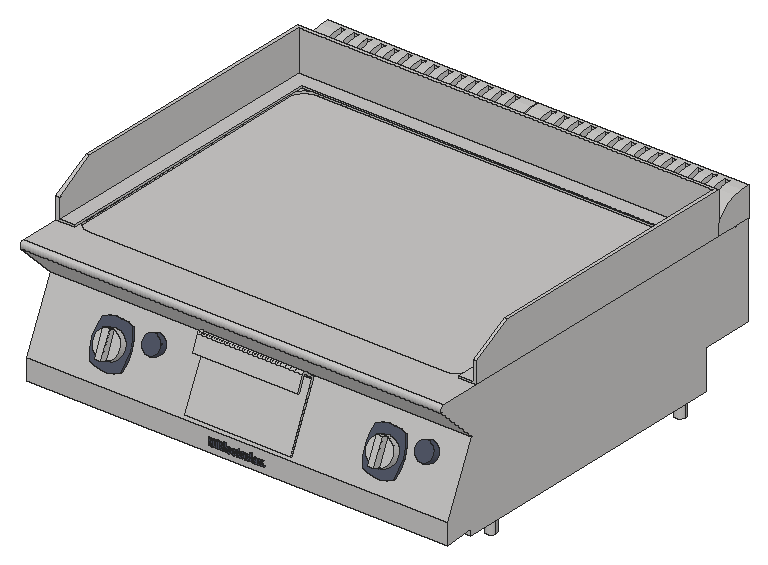
Revit family "QF_ELECTROLUXPROFESSIONAL_371414_E7IIMTAOMEI", category Attrezzature speciali, Revit 2018
Family settings
  Quota connettore circolare = Usa diametro
  Tipo di parte = Normale
  Basato su piano di lavoro = No
  Sempre verticale = Sì
  Taglio con vuoti quando caricato = No
  Condiviso = No
  Punto di calcolo locali = No
Parameters (values of type "Standard")
  Weight = 70.00 kg
  Watts = 0 W
  Volts = 0 V
  URL Manufacturer = "https://www.electroluxprofessional.com/"
  URL = "https://www.electroluxprofessional.com/"
  Steam Supply Size = 0"
  Steam Supply Minimum Pressure = 0.00 psi
  Steam Supply Maximum Pressure = 0.00 psi
  Steam Consumption per Hour = 0
  Show Logo [instance] = yes
  Show Clearance [instance] = yes
  Refrigeration Suction Line Size = 0 mm
  Refrigeration Liquid Line Size = 0 mm
  Refrigerant Compressor Remote = yes
  Phase = 0
  Modello = "E7IIMTAOMEI"
  Produttore = "Electrolux Professional"
  Length Actual = 800 mm  # constant formula
  Item Number = "371414"
  Hot Water Size = 0"
  Height Actual = 250 mm  # constant formula
  HP = "0 HP"
  Gas Size = 1/2"
  Gas KW = 14
  Gas Input Pressure = 0.469158 Btu/h
  Direct Waste Size = 0"
  Descrizione = "GAS FRY TOP-SMOOTH+RIBBED PLATE 800MM-BRUSHED CHROME - QMARK"
  Depth Actual = 730 mm  # constant formula
  Cycle = 0 Hz
  Condensate Return Size = 0"
  Compressed Air Volume = 0 GPM
  Compressed Air Size = 0"
  Compressed Air Pressure = 0.00 psi
  Cold Water Size = 0"
  Base Height [instance] = 23.813 mm  # constant formula
  Assembly Code = ""
  Accessory = yes
Values of the unnamed type that differ from the named types
  Weight = 0.00 kg
  URL Manufacturer = ""
  Item Number = ""
  HP = ""
  Gas KW = 0
  Gas Input Pressure = 0.0 Btu/h
Reference planes
  plane 1 "BACK": y = 0
  plane 2: z = 0
  plane 3 "LEFT": x = 0
  plane 4 "RIGHT": x = 800.1
  plane 5 "FRONT": y = -730.25
  plane 6 "TOP": z = 288.925
  plane 7 "Center Y": x = 400.05
  plane 8 "Center X": y = -365.125
  plane 9 "BASE": z = 23.813
  plane 10 "TOP A": z = 274.638
  plane 11: y = -597.884
  plane 12: y = -147.637
  plane 13: z = 355
Forms (mm)
  Extrusion 1, solid, material "QF_Finishes_Stainless Steel"
    sketch origin (0, 0, 0) x (0, 1, 0) y (0, 0, 1)
      loop
        line (0, 274.638) -> (-722.901, 274.638)
        arc (-722.901, 274.638) -> (-729.676, 270.11) -> (-728.087, 262.117) r 7.334
        line (-728.087, 262.117) -> (-657.416, 191.447) -> (-713.772, 69.003) -> (-713.772, 30.903) -> (-660.4, 36.513) -> (-660.4, 23.812) -> (-101.6, 23.812) -> (-101.6, 98.425) -> (0, 98.425) -> (0, 274.638)
    from 0 to 800.1
  Extrusion 2, void
    sketch origin (0, -2.381, 274.638) x (-1, 0, 0) y (0, -1, 0)
      loop
        arc (-60.425, 102.504) -> (-42.464, 109.943) -> (-35.025, 127.904) r 25.4
        line (-35.025, 127.904) -> (-35.025, 617.104)
        arc (-35.025, 617.104) -> (-42.464, 635.064) -> (-60.425, 642.504) r 25.4
        line (-60.425, 642.504) -> (-739.675, 642.504)
        arc (-739.675, 642.504) -> (-757.636, 635.064) -> (-765.075, 617.104) r 25.4
        line (-765.075, 617.104) -> (-765.075, 127.904)
        arc (-765.075, 127.904) -> (-757.636, 109.943) -> (-739.675, 102.504) r 25.4
        line (-739.675, 102.504) -> (-60.425, 102.504)
    from 0 to -3.2
  Extrusion 3, solid, material "QF_Finishes_Stainless Steel"
    sketch origin (0, 0, 0) x (1, 0, 0) y (0, 1, 0)
      loop
        circle (11.112, -147.638) r 9.525
      loop
        circle (11.112, -597.884) r 9.525
      loop
        circle (788.987, -147.638) r 9.525
      loop
        circle (788.987, -597.884) r 9.525
    from 0 to 23.813
  Extrusion 4, solid, material "QF_Finishes_Stainless Steel"
    sketch origin (0, -101.6, 101.6) x (0, 0, -1) y (-1, 0, 0)
      loop
        circle (43.882, -749.3) r 6.35
    from 0 to 3.175
  Extrusion 5, solid, material "QF_Finishes_Clearance", visible <- "Show Clearance", detail levels coarse
    sketch origin (0, 0, 0) x (1, 0, 0) y (0, 1, 0)
      loop
        line (0, -730.25) -> (0, 0) -> (800.1, 0) -> (800.1, -730.25) -> (950.119, -730.25) -> (950.119, 150.019) -> (-150.019, 150.019) -> (-150.019, -730.25) -> (0, -730.25)
    from 0 to 355
  Sweep 6, solid, material "QF_Finishes_Stainless Steel"
    path origin (0, -2.381, 274.638) x (-1, 0, 0) y (0, -1, 0)
      loop
        line (-765.075, 642.504) -> (-765.075, 102.504) -> (-35.025, 102.504) -> (-35.025, 642.504)
    profile origin (35.025, -374.885, 274.638) x (1, 0, 0) y (0, 0, 1)
      loop
        line (-35.025, 0) -> (0, 0) -> (0, 3.175) -> (-28.675, 3.175) -> (-28.675, 80.363) -> (-35.025, 80.362) -> (-35.025, 0)
  Extrusion 7, void
    sketch origin (0, -69.86, 274.638) x (0, 1, 0) y (0, 0, 1)
      loop
        line (-575.025, 40.481) -> (-501.995, 80.363) -> (-575.025, 80.363) -> (-575.025, 40.481)
    from 0 to 6.35
  Extrusion 8, void
    sketch origin (800.1, -644.885, 274.638) x (0, -1, 0) y (0, 0, 1)
      loop
        line (0, 40.481) -> (0, 80.362) -> (-73.03, 80.362) -> (0, 40.481)
    from 0 to 6.35
  Extrusion 9, solid, material "QF_Finishes_Stainless Steel"
    sketch origin (400.05, 175.397, 1219.2) x (0, 1, 0) y (0, 0, 1)
      loop
        line (-834.228, -1030.828) -> (-850.635, -1014.422)
        arc (-850.635, -1014.422) -> (-855.102, -1013.019) -> (-858.806, -1015.884) r 5.058
        line (-858.806, -1015.884) -> (-871.468, -1043.394) -> (-868.584, -1044.721) -> (-855.922, -1017.211)
        arc (-855.922, -1017.211) -> (-854.543, -1016.145) -> (-852.88, -1016.667) r 1.883
        line (-852.88, -1016.667) -> (-838.037, -1031.51) -> (-888.871, -1141.955) -> (-885.987, -1143.282) -> (-834.228, -1030.828)
    from 100 to -100
  Extrusion 10, solid, material "QF_Finishes_Drawer Clearance", visible <- "Show Clearance", detail levels coarse
    sketch origin (400.05, 175.397, 1219.2) x (0, 1, 0) y (0, 0, 1)
      loop
        line (-937.748, -1044.721) -> (-925.086, -1017.211)
        arc (-925.086, -1017.211) -> (-923.707, -1016.145) -> (-922.044, -1016.667) r 1.883
        line (-922.044, -1016.667) -> (-907.201, -1031.51) -> (-958.035, -1141.955) -> (-955.151, -1143.282) -> (-885.987, -1143.282) -> (-834.228, -1030.828) -> (-850.635, -1014.422)
        arc (-850.635, -1014.422) -> (-851.87, -1013.515) -> (-853.321, -1013.019) r 5.058
        line (-853.321, -1013.019) -> (-924.266, -1013.019)
        arc (-924.266, -1013.019) -> (-926.47, -1013.997) -> (-927.97, -1015.884) r 5.058
        line (-927.97, -1015.884) -> (-940.632, -1043.394) -> (-937.748, -1044.721)
    from -100 to 100
  Extrusion 11, solid, material "QF_Finishes_Navy Blue"
    sketch origin (-399.27, -713.772, 69.003) x (0, 0.418102, 0.9084) y (-1, 0, 0)
      loop
        arc (102.623, -510.47) -> (67.041, -502.846) -> (31.333, -509.853) r 90.5
        arc (31.333, -509.853) -> (24.507, -539.04) -> (31.333, -568.228) r 65.817
        arc (31.333, -568.228) -> (67.04, -575.188) -> (102.623, -567.615) r 91.066
        arc (102.623, -567.615) -> (109.179, -539.043) -> (102.623, -510.47) r 65.546
    from 0 to 3.175
  Extrusion 12, solid, material "QF_Finishes_Stainless Steel"
    sketch origin (-20.52, -717.485, 68.529) x (0, 0.418102, 0.9084) y (-1, 0, 0)
      loop
        circle (68.826, -160.963) r 25.4
    from 0 to 12.7
  Extrusion 13, solid, material "QF_Finishes_Stainless Steel"
    sketch origin (-20.52, -729.022, 73.839) x (0, 0.418102, 0.9084) y (-1, 0, 0)
      loop
        arc (93.558, -166.749) -> (94.226, -160.963) -> (93.558, -155.177) r 25.4
        line (93.558, -155.177) -> (44.094, -155.177)
        arc (44.094, -155.177) -> (43.426, -160.963) -> (44.094, -166.749) r 25.4
        line (44.094, -166.749) -> (93.558, -166.749)
    from 0 to 12.7
  Extrusion 14, solid, material "QF_Finishes_Navy Blue"
    sketch origin (97.744, -713.772, 69.003) x (0, 0.418102, 0.9084) y (-1, 0, 0)
      loop
        arc (102.623, -532.67) -> (67.041, -525.046) -> (31.333, -532.053) r 90.5
        arc (31.333, -532.053) -> (24.507, -561.24) -> (31.333, -590.428) r 65.817
        arc (31.333, -590.428) -> (67.04, -597.388) -> (102.623, -589.815) r 91.066
        arc (102.623, -589.815) -> (109.179, -561.243) -> (102.623, -532.67) r 65.546
    from 0 to 3.175
  Extrusion 15, solid, material "QF_Finishes_Stainless Steel"
    sketch origin (498.994, -717.485, 68.529) x (0, 0.418102, 0.9084) y (-1, 0, 0)
      loop
        circle (68.826, -160.963) r 25.4
    from 0 to 12.7
  Extrusion 16, solid, material "QF_Finishes_Stainless Steel"
    sketch origin (498.994, -729.022, 73.839) x (0, 0.418102, 0.9084) y (-1, 0, 0)
      loop
        arc (93.558, -166.749) -> (94.226, -160.963) -> (93.558, -155.177) r 25.4
        line (93.558, -155.177) -> (44.094, -155.177)
        arc (44.094, -155.177) -> (43.426, -160.963) -> (44.094, -166.749) r 25.4
        line (44.094, -166.749) -> (93.558, -166.749)
    from 0 to 12.7
  Extrusion 17, solid, material "QF_Finishes_Navy Blue"
    sketch origin (-100, -703.319, 91.713) x (0, 0.418102, 0.9084) y (-1, 0, 0)
      loop
        circle (65.471, -315.169) r 17.78
    from 0 to 12.7
  Extrusion 18, solid, material "QF_Finishes_Navy Blue"
    sketch origin (397.014, -703.319, 91.713) x (0, 0.418102, 0.9084) y (-1, 0, 0)
      loop
        circle (65.471, -337.369) r 17.78
    from 0 to 12.7
  Extrusion 19, solid, material "QF_Finishes_Navy Blue", visible <- "Show Logo"
    sketch origin (58.349, -713.772, 35.665) x (0, 0, 1) y (-1, 0, 0)
      loop
        line (20.674, -296.698) -> (8.307, -296.698)
        arc (8.307, -296.698) -> (14.491, -301.27) -> (20.674, -296.698) r 6.467
      loop
        arc (20.674, -296.069) -> (19.505, -290.926) -> (14.849, -288.448) r 6.338
        line (14.849, -288.448) -> (14.849, -290.494)
        arc (14.849, -290.494) -> (16.333, -294.149) -> (19.778, -296.069) r 5.941
        line (19.778, -296.069) -> (20.674, -296.069)
      loop
        arc (9.203, -296.069) -> (12.648, -294.149) -> (14.132, -290.494) r 5.941
        line (14.132, -290.494) -> (14.132, -288.448)
        arc (14.132, -288.448) -> (9.438, -290.922) -> (8.148, -296.069) r 6.504
        line (8.148, -296.069) -> (9.203, -296.069)
      loop
        line (21.349, -287.979) -> (7.604, -287.979) -> (7.604, -301.742) -> (21.349, -301.742) -> (21.349, -287.979)
      loop
        arc (21.432, -304.71) -> (21.085, -304.352) -> (20.718, -304.69) r 0.358
        arc (20.718, -304.69) -> (20.404, -305.44) -> (19.687, -305.825) r 1.216
        line (19.687, -305.825) -> (9.274, -305.825)
        arc (9.274, -305.825) -> (8.614, -305.548) -> (8.218, -304.951) r 1.238
        arc (8.218, -304.951) -> (7.823, -304.7) -> (7.518, -305.054) r 0.358
        line (7.518, -305.054) -> (7.518, -314.933) -> (10.269, -314.933) -> (10.269, -314.036)
        arc (10.269, -314.036) -> (9.36, -313.456) -> (8.904, -312.479) r 1.928
        line (8.904, -312.479) -> (8.904, -309.98)
        arc (8.904, -309.98) -> (9.18, -309.251) -> (9.868, -308.887) r 1.101
        line (9.868, -308.887) -> (13.955, -308.887) -> (13.955, -312.561)
        arc (13.955, -312.561) -> (13.602, -313.058) -> (13.037, -313.286) r 1.083
        arc (13.037, -313.286) -> (12.773, -313.591) -> (13.065, -313.869) r 0.292
        line (13.065, -313.869) -> (16.028, -313.869)
        arc (16.028, -313.869) -> (16.33, -313.596) -> (16.092, -313.266) r 0.305
        arc (16.092, -313.266) -> (15.601, -313.018) -> (15.296, -312.561) r 1.083
        line (15.296, -312.561) -> (15.296, -308.887) -> (19.973, -308.887) -> (19.973, -312.635)
        arc (19.973, -312.635) -> (19.759, -313.39) -> (19.153, -313.888) r 1.314
        arc (19.153, -313.888) -> (18.934, -314.292) -> (19.288, -314.585) r 0.361
        line (19.288, -314.585) -> (21.432, -314.585) -> (21.432, -304.71)
      loop
        arc (20.715, -315.365) -> (20.335, -316.284) -> (19.416, -316.664) r 1.299
        line (19.416, -316.664) -> (9.837, -316.664)
        arc (9.837, -316.664) -> (8.999, -316.286) -> (8.728, -315.408) r 1.118
        line (8.728, -315.408) -> (7.518, -315.408) -> (7.518, -320.758) -> (8.706, -320.758)
        arc (8.706, -320.758) -> (8.978, -319.841) -> (9.848, -319.445) r 1.153
        line (9.848, -319.445) -> (21.92, -319.445) -> (20.715, -315.365)
      loop
        line (12.483, -323.394) -> (12.483, -329.842) -> (13.282, -329.842)
        arc (13.282, -329.842) -> (15.862, -328.857) -> (17.131, -326.404) r 3.874
        line (17.131, -326.404) -> (17.131, -324.643)
        arc (17.131, -324.643) -> (15.944, -321.778) -> (13.08, -320.592) r 4.051
        line (13.08, -320.592) -> (11.072, -320.592)
        arc (11.072, -320.592) -> (8.253, -322.077) -> (7.202, -325.084) r 4.352
        arc (7.202, -325.084) -> (7.566, -327.547) -> (8.943, -329.621) r 5.713
        line (8.943, -329.621) -> (9.892, -329.621)
        arc (9.892, -329.621) -> (9.16, -328.052) -> (8.943, -326.334) r 5.579
        arc (8.943, -326.334) -> (9.737, -324.371) -> (11.616, -323.394) r 3.057
        line (11.616, -323.394) -> (12.483, -323.394)
      loop
        line (13.742, -323.394) -> (13.742, -326.977)
        arc (13.742, -326.977) -> (15.199, -327.024) -> (16.082, -325.864) r 1.59
        line (16.082, -325.864) -> (16.082, -325.034)
        arc (16.082, -325.034) -> (15.217, -323.779) -> (13.742, -323.394) r 2.184
      loop
        arc (16.533, -339.259) -> (17.022, -337.585) -> (17.179, -335.848) r 9.023
        line (17.179, -335.848) -> (17.179, -334.486)
        arc (17.179, -334.486) -> (16.02, -331.686) -> (13.22, -330.527) r 3.959
        line (13.22, -330.527) -> (10.62, -330.527)
        arc (10.62, -330.527) -> (8.338, -331.819) -> (7.221, -334.192) r 4.331
        line (7.221, -334.192) -> (7.221, -336.327)
        arc (7.221, -336.327) -> (7.729, -337.877) -> (8.651, -339.223) r 5.772
        arc (8.651, -339.223) -> (9.412, -339.274) -> (9.499, -338.515) r 0.553
        arc (9.499, -338.515) -> (9.111, -337.781) -> (8.977, -336.962) r 2.573
        line (8.977, -336.962) -> (8.977, -335.447)
        arc (8.977, -335.447) -> (9.983, -333.806) -> (11.798, -333.163) r 2.884
        line (11.798, -333.163) -> (13.077, -333.163)
        arc (13.077, -333.163) -> (14.898, -333.723) -> (15.824, -335.388) r 2.554
        line (15.824, -335.388) -> (15.824, -336.441)
        arc (15.824, -336.441) -> (15.493, -337.369) -> (14.836, -338.104) r 2.564
        arc (14.836, -338.104) -> (14.614, -338.821) -> (15.223, -339.259) r 0.643
        line (15.223, -339.259) -> (16.533, -339.259)
      loop
        line (15.515, -339.53) -> (15.515, -341.031) -> (9.467, -341.031)
        arc (9.467, -341.031) -> (7.879, -341.688) -> (7.221, -343.276) r 2.246
        line (7.221, -343.276) -> (7.221, -344.86)
        arc (7.221, -344.86) -> (7.535, -345.725) -> (8.035, -346.496) r 4.06
        arc (8.035, -346.496) -> (8.768, -346.629) -> (9.019, -345.928) r 0.576
        arc (9.019, -345.928) -> (8.913, -345.403) -> (8.977, -344.87) r 1.69
        arc (8.977, -344.87) -> (9.519, -344.082) -> (10.425, -343.779) r 1.506
        line (10.425, -343.779) -> (15.563, -343.779) -> (15.563, -346.176) -> (16.119, -346.733) -> (16.941, -346.733) -> (16.941, -343.873) -> (20.172, -343.873) -> (15.515, -339.53)
      loop
        line (7.438, -347.63) -> (7.438, -353.017) -> (8.548, -353.017)
        arc (8.548, -353.017) -> (8.942, -352.066) -> (9.893, -351.672) r 1.345
        line (9.893, -351.672) -> (13.509, -351.672)
        arc (13.509, -351.672) -> (14.274, -352.264) -> (14.564, -353.186) r 1.615
        line (14.564, -353.186) -> (14.564, -354.742) -> (17.119, -355.427) -> (17.119, -354.044) -> (15.177, -351.485) -> (17.057, -351.485) -> (16.773, -348.779)
        arc (16.773, -348.779) -> (16.333, -348.249) -> (15.674, -348.45) r 0.621
        arc (15.674, -348.45) -> (15.274, -348.792) -> (14.78, -348.975) r 1.501
        line (14.78, -348.975) -> (9.893, -348.975)
        arc (9.893, -348.975) -> (8.942, -348.581) -> (8.548, -347.63) r 1.345
        line (8.548, -347.63) -> (7.438, -347.63)
      loop
        line (13.54, -354.964) -> (10.848, -354.964)
        arc (10.848, -354.964) -> (8.403, -356.272) -> (7.269, -358.803) r 4.288
        arc (7.269, -358.803) -> (7.205, -360.183) -> (7.269, -361.563) r 15.022
        arc (7.269, -361.563) -> (8.403, -364.094) -> (10.848, -365.401) r 4.288
        line (10.848, -365.401) -> (13.54, -365.401)
        arc (13.54, -365.401) -> (15.986, -364.094) -> (17.119, -361.563) r 4.288
        arc (17.119, -361.563) -> (17.183, -360.183) -> (17.119, -358.803) r 15.022
        arc (17.119, -358.803) -> (15.986, -356.272) -> (13.54, -354.964) r 4.288
      loop
        line (13.745, -358.078) -> (10.643, -358.078)
        arc (10.643, -358.078) -> (8.486, -360.235) -> (10.643, -362.392) r 2.157
        line (10.643, -362.392) -> (13.745, -362.392)
        arc (13.745, -362.392) -> (15.902, -360.235) -> (13.745, -358.078) r 2.157
      loop
        arc (20.726, -365.26) -> (20.355, -366.154) -> (19.461, -366.524) r 1.264
        line (19.461, -366.524) -> (9.597, -366.524)
        arc (9.597, -366.524) -> (8.727, -366.127) -> (8.455, -365.211) r 1.153
        line (8.455, -365.211) -> (7.518, -365.211) -> (7.518, -370.319) -> (8.446, -370.319)
        arc (8.446, -370.319) -> (8.805, -369.547) -> (9.597, -369.232) r 1.153
        line (9.597, -369.232) -> (21.92, -369.232) -> (20.726, -365.26)
      loop
        arc (15.846, -369.857) -> (15.647, -370.921) -> (14.678, -371.403) r 1.215
        line (14.678, -371.403) -> (9.658, -371.403)
        arc (9.658, -371.403) -> (8.043, -372.051) -> (7.322, -373.634) r 2.338
        line (7.322, -373.634) -> (7.322, -375.148)
        arc (7.322, -375.148) -> (7.497, -376.152) -> (7.999, -377.038) r 2.979
        line (7.999, -377.038) -> (7.518, -378.835) -> (7.518, -380.524) -> (16.943, -380.524) -> (16.649, -376.32) -> (15.863, -376.32)
        arc (15.863, -376.32) -> (15.507, -377.156) -> (14.755, -377.665) r 1.605
        line (14.755, -377.665) -> (9.652, -377.665)
        arc (9.652, -377.665) -> (9.232, -376.728) -> (9.159, -375.704) r 2.94
        arc (9.159, -375.704) -> (9.72, -374.603) -> (10.873, -374.16) r 1.724
        line (10.873, -374.16) -> (17.07, -374.16) -> (15.846, -369.857)
      loop
        line (16.874, -381.377) -> (15.202, -383.423) -> (12.028, -385.729) -> (8.572, -382.617)
        arc (8.572, -382.617) -> (8.335, -382.223) -> (8.357, -381.764) r 0.789
        line (8.357, -381.764) -> (7.518, -381.764) -> (7.518, -385.309) -> (8.344, -385.309)
        arc (8.344, -385.309) -> (8.686, -384.947) -> (9.176, -385.039) r 0.52
        line (9.176, -385.039) -> (10.976, -386.51) -> (8.858, -387.886)
        arc (8.858, -387.886) -> (8.457, -387.576) -> (8.37, -387.076) r 0.7
        line (8.37, -387.076) -> (7.518, -387.076) -> (7.518, -393.003) -> (8.405, -393.003)
        arc (8.405, -393.003) -> (8.472, -392.344) -> (8.866, -391.813) r 1.247
        line (8.866, -391.813) -> (13.066, -388.532) -> (15.513, -390.585) -> (16.874, -392.327) -> (16.874, -388.604) -> (15.389, -389.026) -> (13.868, -387.749) -> (15.568, -386.559) -> (16.874, -387.336) -> (16.874, -381.377)
    from 0 to 1.644
  Extrusion 20, solid, material "QF_Finishes_Stainless Steel"
    sketch origin (0, 0, 0) x (0, 1, 0) y (0, 0, 1)
      loop
        line (0, 274.638) -> (0, 331.738)
        arc (0, 331.738) -> (-38.857, 324.552) -> (-69.85, 300.038) r 82.056
        line (-69.85, 300.038) -> (-69.85, 274.638) -> (0, 274.638)
    from 0 to 400.05
  Extrusion 21, void
    sketch origin (0, 0, 274.638) x (0, -1, 0) y (1, 0, 0)
      loop
        line (6.761, 29.703) -> (63.911, 29.703) -> (63.911, 38.999) -> (6.761, 38.999) -> (6.761, 29.703)
      loop
        line (63.911, 64.487) -> (6.761, 64.487) -> (6.761, 55.191) -> (63.911, 55.191) -> (63.911, 64.487)
      loop
        line (63.911, 89.975) -> (6.761, 89.975) -> (6.761, 80.68) -> (63.911, 80.68) -> (63.911, 89.975)
      loop
        line (63.911, 115.464) -> (6.761, 115.464) -> (6.761, 106.168) -> (63.911, 106.168) -> (63.911, 115.464)
      loop
        line (63.911, 140.952) -> (6.761, 140.952) -> (6.761, 131.656) -> (63.911, 131.656) -> (63.911, 140.952)
      loop
        line (63.911, 166.44) -> (6.761, 166.44) -> (6.761, 157.145) -> (63.911, 157.145) -> (63.911, 166.44)
      loop
        line (63.911, 191.929) -> (6.761, 191.929) -> (6.761, 182.633) -> (63.911, 182.633) -> (63.911, 191.929)
      loop
        line (63.911, 217.417) -> (6.761, 217.417) -> (6.761, 208.121) -> (63.911, 208.121) -> (63.911, 217.417)
      loop
        line (63.911, 242.905) -> (6.761, 242.905) -> (6.761, 233.61) -> (63.911, 233.61) -> (63.911, 242.905)
      loop
        line (63.911, 268.394) -> (6.761, 268.394) -> (6.761, 259.098) -> (63.911, 259.098) -> (63.911, 268.394)
      loop
        line (63.911, 293.882) -> (6.761, 293.882) -> (6.761, 284.586) -> (63.911, 284.586) -> (63.911, 293.882)
      loop
        line (63.911, 319.37) -> (6.761, 319.37) -> (6.761, 310.075) -> (63.911, 310.075) -> (63.911, 319.37)
      loop
        line (63.911, 344.859) -> (6.761, 344.859) -> (6.761, 335.563) -> (63.911, 335.563) -> (63.911, 344.859)
      loop
        line (63.911, 370.347) -> (6.761, 370.347) -> (6.761, 361.051) -> (63.911, 361.051) -> (63.911, 370.347)
    from 25.4 to 63.5
  Extrusion 22, solid, material "QF_Finishes_Stainless Steel"
    sketch origin (400.05, 0, 0) x (0, 1, 0) y (0, 0, 1)
      loop
        line (0, 274.638) -> (0, 331.738)
        arc (0, 331.738) -> (-38.857, 324.552) -> (-69.85, 300.038) r 82.056
        line (-69.85, 300.038) -> (-69.85, 274.638) -> (0, 274.638)
    from 0 to 400.05
  Extrusion 23, void
    sketch origin (400.05, 0, 274.638) x (0, -1, 0) y (1, 0, 0)
      loop
        line (6.761, 29.703) -> (63.911, 29.703) -> (63.911, 38.999) -> (6.761, 38.999) -> (6.761, 29.703)
      loop
        line (63.911, 64.487) -> (6.761, 64.487) -> (6.761, 55.191) -> (63.911, 55.191) -> (63.911, 64.487)
      loop
        line (63.911, 89.975) -> (6.761, 89.975) -> (6.761, 80.68) -> (63.911, 80.68) -> (63.911, 89.975)
      loop
        line (63.911, 115.464) -> (6.761, 115.464) -> (6.761, 106.168) -> (63.911, 106.168) -> (63.911, 115.464)
      loop
        line (63.911, 140.952) -> (6.761, 140.952) -> (6.761, 131.656) -> (63.911, 131.656) -> (63.911, 140.952)
      loop
        line (63.911, 166.44) -> (6.761, 166.44) -> (6.761, 157.145) -> (63.911, 157.145) -> (63.911, 166.44)
      loop
        line (63.911, 191.929) -> (6.761, 191.929) -> (6.761, 182.633) -> (63.911, 182.633) -> (63.911, 191.929)
      loop
        line (63.911, 217.417) -> (6.761, 217.417) -> (6.761, 208.121) -> (63.911, 208.121) -> (63.911, 217.417)
      loop
        line (63.911, 242.905) -> (6.761, 242.905) -> (6.761, 233.61) -> (63.911, 233.61) -> (63.911, 242.905)
      loop
        line (63.911, 268.394) -> (6.761, 268.394) -> (6.761, 259.098) -> (63.911, 259.098) -> (63.911, 268.394)
      loop
        line (63.911, 293.882) -> (6.761, 293.882) -> (6.761, 284.586) -> (63.911, 284.586) -> (63.911, 293.882)
      loop
        line (63.911, 319.37) -> (6.761, 319.37) -> (6.761, 310.075) -> (63.911, 310.075) -> (63.911, 319.37)
      loop
        line (63.911, 344.859) -> (6.761, 344.859) -> (6.761, 335.563) -> (63.911, 335.563) -> (63.911, 344.859)
      loop
        line (63.911, 370.347) -> (6.761, 370.347) -> (6.761, 361.051) -> (63.911, 361.051) -> (63.911, 370.347)
    from 25.4 to 63.5
Cuts and joins
  Extrusion 2 cuts Extrusion 1
  Extrusion 7, Extrusion 8 cuts Sweep 6
  Extrusion 21 cuts Extrusion 20
  Extrusion 23 cuts Extrusion 22
Lines and regions (mm)
  symbolic lines, style "QF-Clearances", visible <- "Show Clearance", detail levels coarse
    curve 1: line (-150.019, 150.019, 274.638) -> (-150.019, -730.25, 274.638)
    curve 2: line (950.119, 150.019, 274.638) -> (-150.019, 150.019, 274.638)
    curve 3: line (950.119, -730.25, 274.638) -> (950.119, 150.019, 274.638)
  symbolic lines
    curve 4: line (0, 0, 274.638) -> (800.1, 0, 274.638)
    curve 5: line (0, -730.25, 274.638) -> (0, 0, 274.638)
    curve 6: line (800.1, 0, 274.638) -> (800.1, -730.25, 274.638)
    curve 7: line (35.042, -104.885, 274.638) -> (35.042, -644.885, 274.638)
    curve 8: arc (35.042, -619.427, 274.638) -> (42.472, -637.366, 274.638) -> (60.411, -644.796, 274.638) r 25.37
    curve 9: line (0, -644.885, 274.638) -> (35.042, -644.885, 274.638)
    curve 10: arc (739.117, -644.796, 274.638) -> (757.472, -637.193, 274.638) -> (765.075, -618.839, 274.638) r 25.958
    curve 11: line (765.075, -644.885, 274.638) -> (765.075, -104.885, 274.638)
    curve 12: line (765.075, -104.885, 274.638) -> (35.042, -104.885, 274.638)
    curve 13: line (0, -69.85, 274.638) -> (800.1, -69.85, 274.638)
    curve 14: line (800.1, -730.25, 274.638) -> (0, -730.25, 274.638)
    curve 15: arc (64.136, -104.885, 274.638) -> (43.563, -113.406, 274.638) -> (35.042, -133.979, 274.638) r 29.094
    curve 16: arc (739.672, -104.885, 274.638) -> (757.635, -112.325, 274.638) -> (765.075, -130.288, 274.638) r 25.403
    curve 17: line (6.35, -76.21, 274.638) -> (6.35, -644.885, 274.638)
    curve 18: line (6.35, -76.21, 274.638) -> (793.75, -76.21, 274.638)
    curve 19: line (793.75, -76.21, 274.638) -> (793.75, -644.885, 274.638)
    curve 20: line (765.075, -644.885, 274.638) -> (800.1, -644.885, 274.638)
    curve 21: line (60.411, -644.796, 274.638) -> (739.117, -644.796, 274.638)
    curve 25: line (0, 0, 274.638) -> (800.1, 0, 274.638)
    curve 26: line (0, -69.85, 274.638) -> (800.1, -69.85, 274.638)
    curve 27: line (0, 0, 274.638) -> (800.1, 0, 274.638)
    curve 28: line (29.703, -6.761, 0) -> (38.999, -6.761, 0)
    curve 29: line (29.703, -63.911, 0) -> (29.703, -6.761, 0)
    curve 30: line (38.999, -63.911, 0) -> (29.703, -63.911, 0)
    curve 31: line (38.999, -6.761, 0) -> (38.999, -63.911, 0)
    curve 32: line (55.191, -6.761, 0) -> (64.487, -6.761, 0)
    curve 33: line (55.191, -63.911, 0) -> (55.191, -6.761, 0)
    curve 34: line (64.487, -63.911, 0) -> (55.191, -63.911, 0)
    curve 35: line (64.487, -6.761, 0) -> (64.487, -63.911, 0)
    curve 36: line (80.68, -6.761, 0) -> (89.975, -6.761, 0)
    curve 37: line (80.68, -63.911, 0) -> (80.68, -6.761, 0)
    curve 38: line (89.975, -63.911, 0) -> (80.68, -63.911, 0)
    curve 39: line (89.975, -6.761, 0) -> (89.975, -63.911, 0)
    curve 40: line (106.168, -6.761, 0) -> (115.464, -6.761, 0)
    curve 41: line (106.168, -63.911, 0) -> (106.168, -6.761, 0)
    curve 42: line (115.464, -63.911, 0) -> (106.168, -63.911, 0)
    curve 43: line (115.464, -6.761, 0) -> (115.464, -63.911, 0)
    curve 44: line (131.656, -6.761, 0) -> (140.952, -6.761, 0)
    curve 45: line (131.656, -63.911, 0) -> (131.656, -6.761, 0)
    curve 46: line (140.952, -63.911, 0) -> (131.656, -63.911, 0)
    curve 47: line (140.952, -6.761, 0) -> (140.952, -63.911, 0)
    curve 48: line (157.145, -6.761, 0) -> (166.44, -6.761, 0)
    curve 49: line (157.145, -63.911, 0) -> (157.145, -6.761, 0)
    curve 50: line (166.44, -63.911, 0) -> (157.145, -63.911, 0)
    curve 51: line (166.44, -6.761, 0) -> (166.44, -63.911, 0)
    curve 52: line (182.633, -6.761, 0) -> (191.929, -6.761, 0)
    curve 53: line (182.633, -63.911, 0) -> (182.633, -6.761, 0)
    curve 54: line (191.929, -63.911, 0) -> (182.633, -63.911, 0)
    curve 55: line (191.929, -6.761, 0) -> (191.929, -63.911, 0)
    curve 56: line (208.121, -6.761, 0) -> (217.417, -6.761, 0)
    curve 57: line (208.121, -63.911, 0) -> (208.121, -6.761, 0)
    curve 58: line (217.417, -63.911, 0) -> (208.121, -63.911, 0)
    curve 59: line (217.417, -6.761, 0) -> (217.417, -63.911, 0)
    curve 60: line (233.61, -6.761, 0) -> (242.905, -6.761, 0)
    curve 61: line (233.61, -63.911, 0) -> (233.61, -6.761, 0)
    curve 62: line (242.905, -63.911, 0) -> (233.61, -63.911, 0)
    curve 63: line (242.905, -6.761, 0) -> (242.905, -63.911, 0)
    curve 64: line (259.098, -6.761, 0) -> (268.394, -6.761, 0)
    curve 65: line (259.098, -63.911, 0) -> (259.098, -6.761, 0)
    curve 66: line (268.394, -63.911, 0) -> (259.098, -63.911, 0)
    curve 67: line (268.394, -6.761, 0) -> (268.394, -63.911, 0)
    curve 68: line (284.586, -6.761, 0) -> (293.882, -6.761, 0)
    curve 69: line (284.586, -63.911, 0) -> (284.586, -6.761, 0)
    curve 70: line (293.882, -63.911, 0) -> (284.586, -63.911, 0)
    curve 71: line (293.882, -6.761, 0) -> (293.882, -63.911, 0)
    curve 72: line (310.075, -6.761, 0) -> (319.37, -6.761, 0)
    curve 73: line (310.075, -63.911, 0) -> (310.075, -6.761, 0)
    curve 74: line (319.37, -63.911, 0) -> (310.075, -63.911, 0)
    curve 75: line (319.37, -6.761, 0) -> (319.37, -63.911, 0)
    curve 76: line (335.563, -6.761, 0) -> (344.859, -6.761, 0)
    curve 77: line (335.563, -63.911, 0) -> (335.563, -6.761, 0)
    curve 78: line (344.859, -63.911, 0) -> (335.563, -63.911, 0)
    curve 79: line (344.859, -6.761, 0) -> (344.859, -63.911, 0)
    curve 80: line (361.051, -6.761, 0) -> (370.347, -6.761, 0)
    curve 81: line (361.051, -63.911, 0) -> (361.051, -6.761, 0)
    curve 82: line (370.347, -63.911, 0) -> (361.051, -63.911, 0)
    curve 83: line (370.347, -6.761, 0) -> (370.347, -63.911, 0)
    curve 84: line (400.05, 0, 0) -> (400.05, -69.85, 0)
    curve 85: line (770.397, -6.761, 0) -> (761.101, -6.761, 0)
    curve 86: line (770.397, -63.911, 0) -> (770.397, -6.761, 0)
    curve 87: line (761.101, -63.911, 0) -> (770.397, -63.911, 0)
    curve 88: line (761.101, -6.761, 0) -> (761.101, -63.911, 0)
    curve 89: line (744.909, -6.761, 0) -> (735.613, -6.761, 0)
    curve 90: line (744.909, -63.911, 0) -> (744.909, -6.761, 0)
    curve 91: line (735.613, -63.911, 0) -> (744.909, -63.911, 0)
    curve 92: line (735.613, -6.761, 0) -> (735.613, -63.911, 0)
    curve 93: line (719.42, -6.761, 0) -> (710.125, -6.761, 0)
    curve 94: line (719.42, -63.911, 0) -> (719.42, -6.761, 0)
    curve 95: line (710.125, -63.911, 0) -> (719.42, -63.911, 0)
    curve 96: line (710.125, -6.761, 0) -> (710.125, -63.911, 0)
    curve 97: line (693.932, -6.761, 0) -> (684.636, -6.761, 0)
    curve 98: line (693.932, -63.911, 0) -> (693.932, -6.761, 0)
    curve 99: line (684.636, -63.911, 0) -> (693.932, -63.911, 0)
    curve 100: line (684.636, -6.761, 0) -> (684.636, -63.911, 0)
    curve 101: line (668.444, -6.761, 0) -> (659.148, -6.761, 0)
    curve 102: line (668.444, -63.911, 0) -> (668.444, -6.761, 0)
    curve 103: line (659.148, -63.911, 0) -> (668.444, -63.911, 0)
    curve 104: line (659.148, -6.761, 0) -> (659.148, -63.911, 0)
    curve 105: line (642.955, -6.761, 0) -> (633.66, -6.761, 0)
    curve 106: line (642.955, -63.911, 0) -> (642.955, -6.761, 0)
    curve 107: line (633.66, -63.911, 0) -> (642.955, -63.911, 0)
    curve 108: line (633.66, -6.761, 0) -> (633.66, -63.911, 0)
    curve 109: line (617.467, -6.761, 0) -> (608.171, -6.761, 0)
    curve 110: line (617.467, -63.911, 0) -> (617.467, -6.761, 0)
    curve 111: line (608.171, -63.911, 0) -> (617.467, -63.911, 0)
    curve 112: line (608.171, -6.761, 0) -> (608.171, -63.911, 0)
    curve 113: line (591.979, -6.761, 0) -> (582.683, -6.761, 0)
    curve 114: line (591.979, -63.911, 0) -> (591.979, -6.761, 0)
    curve 115: line (582.683, -63.911, 0) -> (591.979, -63.911, 0)
    curve 116: line (582.683, -6.761, 0) -> (582.683, -63.911, 0)
    curve 117: line (566.49, -6.761, 0) -> (557.195, -6.761, 0)
    curve 118: line (566.49, -63.911, 0) -> (566.49, -6.761, 0)
    curve 119: line (557.195, -63.911, 0) -> (566.49, -63.911, 0)
    curve 120: line (557.195, -6.761, 0) -> (557.195, -63.911, 0)
    curve 121: line (541.002, -6.761, 0) -> (531.706, -6.761, 0)
    curve 122: line (541.002, -63.911, 0) -> (541.002, -6.761, 0)
    curve 123: line (531.706, -63.911, 0) -> (541.002, -63.911, 0)
    curve 124: line (531.706, -6.761, 0) -> (531.706, -63.911, 0)
    curve 125: line (515.514, -6.761, 0) -> (506.218, -6.761, 0)
    curve 126: line (515.514, -63.911, 0) -> (515.514, -6.761, 0)
    curve 127: line (506.218, -63.911, 0) -> (515.514, -63.911, 0)
    curve 128: line (506.218, -6.761, 0) -> (506.218, -63.911, 0)
    curve 129: line (490.025, -6.761, 0) -> (480.73, -6.761, 0)
    curve 130: line (490.025, -63.911, 0) -> (490.025, -6.761, 0)
    curve 131: line (480.73, -63.911, 0) -> (490.025, -63.911, 0)
    curve 132: line (480.73, -6.761, 0) -> (480.73, -63.911, 0)
    curve 133: line (464.537, -6.761, 0) -> (455.241, -6.761, 0)
    curve 134: line (464.537, -63.911, 0) -> (464.537, -6.761, 0)
    curve 135: line (455.241, -63.911, 0) -> (464.537, -63.911, 0)
    curve 136: line (455.241, -6.761, 0) -> (455.241, -63.911, 0)
    curve 137: line (439.049, -6.761, 0) -> (429.753, -6.761, 0)
    curve 138: line (439.049, -63.911, 0) -> (439.049, -6.761, 0)
    curve 139: line (429.753, -63.911, 0) -> (439.049, -63.911, 0)
    curve 140: line (429.753, -6.761, 0) -> (429.753, -63.911, 0)
  symbolic lines, style "QF_Drawer Clearance"
    curve 22: line (300.05, -782.637, 0) -> (300.05, -730.25, 0)
    curve 23: line (300.05, -782.637, 0) -> (500.05, -782.637, 0)
    curve 24: line (500.05, -782.637, 0) -> (500.05, -730.25, 0)
Dimensions and locks
  equal spacing: plane 3 "LEFT", plane 7 "Center Y", plane 4 "RIGHT"
  plane 3 "LEFT" to plane 4 "RIGHT" = 800.1 mm
  equal spacing: plane 5 "FRONT", plane 8 "Center X", plane 1 "BACK"
  plane 5 "FRONT" to plane 1 "BACK" = 730.25 mm
  plane 1 "BACK" to plane 5 "FRONT" = 730.25 mm
  "Base Height": plane 9 "BASE" to level
  locked: plane 10 "TOP A" to plane 9 "BASE" at 250.825
  plane 4 "RIGHT" to Extrusion 4 sketch curve = 50.8 mm
  Sweep 6 sketch curve to level = 355 mm
  plane 10 "TOP A" to plane 9 "BASE" = 250.825 mm
  plane 9 "BASE" to level = 23.813 mm
  plane 9 "BASE" to cut or joined group of Extrusion 1, Extrusion 2 = 74.612 mm
  plane 13 to level = 355 mm
  aligned and locked: level to plane 2
  aligned and locked: plane 4 "RIGHT" to Extrusion 1
  aligned and locked: Extrusion 3 to plane 9 "BASE"
  aligned: plane 6 "TOP" to Extrusion 5
Automatic sketch dimensions
  Extrusion 2 sketch curve to plane 4 "RIGHT" = 35.025 mm
  Extrusion 2 sketch curve to Extrusion 2 sketch curve = 25.4 mm  (x3)
  Extrusion 2 sketch curve to plane 12 = 17.353 mm
  plane 3 "LEFT" to Extrusion 2 sketch curve = 60.425 mm  (x2)
  plane 11 to Extrusion 2 sketch curve = 21.6 mm
  plane 11 to Extrusion 3 sketch curve = 0 mm  (x2)
  plane 12 to Extrusion 3 sketch curve = 0 mm  (x2)
  plane 3 "LEFT" to Extrusion 3 sketch curve = 11.112 mm  (x2)
  Extrusion 3 sketch curve to plane 4 "RIGHT" = 11.113 mm  (x2)
  Extrusion 1 to Extrusion 4 sketch curve = 33.906 mm
  plane 1 "BACK" to Extrusion 5 sketch curve = 0 mm
  Extrusion 5 sketch curve to plane 3 "LEFT" = 0 mm
  Extrusion 5 sketch curve to plane 4 "RIGHT" = 0 mm
  Extrusion 5 sketch curve to plane 3 "LEFT" = 150.019 mm
  plane 5 "FRONT" to Extrusion 5 sketch curve = 0 mm  (x2)
  plane 4 "RIGHT" to Extrusion 5 sketch curve = 150.019 mm
  Extrusion 5 sketch curve to plane 1 "BACK" = 150.019 mm
  curve 20 to plane 4 "RIGHT" = 0 mm
  curve 14 to plane 3 "LEFT" = 0 mm
  plane 1 "BACK" to curve 5 = 0 mm
  plane 4 "RIGHT" to curve 3 = 150.019 mm
  curve 19 to plane 4 "RIGHT" = 6.35 mm
  curve 19 to curve 20 = 28.675 mm
  curve 11 to curve 16 = 25.403 mm
  curve 11 to curve 21 = 25.958 mm
  curve 21 to curve 9 = 60.411 mm
  curve 15 to plane 12 = 13.658 mm
  curve 15 to curve 15 = 29.094 mm
  curve 17 to curve 9 = 6.35 mm
  plane 5 "FRONT" to curve 1 = 0 mm
  curve 1 to plane 3 "LEFT" = 150.019 mm
  curve 2 to plane 1 "BACK" = 150.019 mm
  curve 13 to curve 18 = 6.36 mm
  plane 11 to curve 10 = 20.954 mm
  curve 10 to curve 20 = 26.046 mm
  curve 8 to curve 17 = 25.458 mm
  curve 6 to plane 5 "FRONT" = 0 mm
  plane 5 "FRONT" to curve 3 = 0 mm
  Sweep 6 sketch curve to plane 4 "RIGHT" = 35.025 mm
  plane 3 "LEFT" to Sweep 6 sketch curve = 35.025 mm
  Sweep 6 sketch curve to plane 12 = 42.753 mm
  plane 11 to Sweep 6 sketch curve = 47 mm  (x2)
  Sweep 6 sketch curve to plane 10 "TOP A" = 0 mm
  profile plane to Sweep 6 sketch curve = 0 mm
  profile plane to Sweep 6 sketch curve = 28.675 mm
  Sweep 6 sketch curve to Sweep 6 sketch curve = 6.35 mm
  plane 10 "TOP A" to Sweep 6 sketch curve = 3.175 mm
  Extrusion 7 sketch curve to Sweep 6 = 0 mm  (x2)
  Extrusion 7 sketch curve to Sweep 6 = 73.03 mm
  Extrusion 7 sketch curve to Extrusion 7 sketch curve = 39.881 mm
  Sweep 6 to Extrusion 8 sketch curve = 0 mm
  Extrusion 8 sketch curve to Sweep 6 = 0 mm
  Extrusion 8 sketch curve to Sweep 6 = 73.03 mm
  Extrusion 8 sketch curve to Extrusion 8 sketch curve = 39.881 mm
  Extrusion 9 sketch curve to Extrusion 9 sketch curve = 0 mm  (x2)
  Extrusion 9 sketch curve to plane 5 "FRONT" = 16.776 mm
  Extrusion 9 sketch curve to Extrusion 9 sketch curve = 2.884 mm  (x3)
  Extrusion 9 sketch curve to plane 5 "FRONT" = 34.179 mm
  Extrusion 9 sketch curve to Extrusion 9 sketch curve = 12.662 mm
  Extrusion 9 sketch curve to Extrusion 9 sketch curve = 1.711 mm
  Extrusion 9 sketch curve to Extrusion 9 sketch curve = 1.332 mm
  Extrusion 9 sketch curve to Extrusion 9 sketch curve = 2.245 mm
  Extrusion 9 sketch curve to Extrusion 9 sketch curve = 14.843 mm
  Extrusion 9 sketch curve to Extrusion 9 sketch curve = 3.809 mm
  plane 9 "BASE" to Extrusion 9 sketch curve = 52.105 mm
  Extrusion 9 sketch curve to Extrusion 9 sketch curve = 1.327 mm  (x2)
  Extrusion 9 sketch curve to Extrusion 9 sketch curve = 13.211 mm
  Extrusion 9 sketch curve to Extrusion 9 sketch curve = 0.787 mm
  plane 3 "LEFT" to Extrusion 11 sketch curve = 110.583 mm
  Extrusion 11 sketch curve to Extrusion 11 sketch curve = 0 mm
  Extrusion 11 sketch curve to Extrusion 11 sketch curve = 12.3 mm  (x3)
  Extrusion 11 sketch curve to Extrusion 11 sketch curve = 34.925 mm  (x2)
  Extrusion 11 sketch curve to Extrusion 11 sketch curve = 46.691 mm
  Extrusion 11 sketch curve to Extrusion 11 sketch curve = 0.617 mm
  Extrusion 11 sketch curve to Extrusion 11 sketch curve = 28.57 mm
  Extrusion 11 sketch curve to Extrusion 11 sketch curve = 29.185 mm
  Extrusion 13 sketch curve to Extrusion 13 sketch curve = 24.732 mm
  Extrusion 13 sketch curve to Extrusion 13 sketch curve = 0 mm
  Extrusion 14 sketch curve to plane 4 "RIGHT" = 170.304 mm
  Extrusion 14 sketch curve to Extrusion 14 sketch curve = 0 mm
  Extrusion 14 sketch curve to Extrusion 14 sketch curve = 12.3 mm  (x3)
  Extrusion 14 sketch curve to Extrusion 14 sketch curve = 34.925 mm  (x2)
  Extrusion 14 sketch curve to Extrusion 14 sketch curve = 46.691 mm
  Extrusion 14 sketch curve to Extrusion 14 sketch curve = 0.617 mm
  Extrusion 14 sketch curve to Extrusion 14 sketch curve = 28.57 mm
  Extrusion 14 sketch curve to Extrusion 14 sketch curve = 29.185 mm
  Extrusion 16 sketch curve to Extrusion 16 sketch curve = 24.732 mm
  Extrusion 16 sketch curve to Extrusion 16 sketch curve = 0 mm
  Extrusion 1 to Extrusion 17 sketch curve = 44.319 mm
  Extrusion 1 to Extrusion 17 sketch curve = 215.169 mm
  Extrusion 1 to Extrusion 18 sketch curve = 44.319 mm
  Extrusion 1 to Extrusion 18 sketch curve = 65.717 mm
  Extrusion 1 sketch curve to plane 10 "TOP A" = 0 mm
  Extrusion 1 sketch curve to plane 9 "BASE" = 0 mm
  Extrusion 1 sketch curve to plane 1 "BACK" = 0 mm
  Extrusion 1 sketch curve to plane 12 = 46.038 mm
  plane 11 to Extrusion 1 sketch curve = 59.531 mm
  plane 9 "BASE" to Extrusion 1 sketch curve = 12.7 mm
  plane 11 to Extrusion 1 sketch curve = 62.516 mm
  Extrusion 1 sketch curve to plane 5 "FRONT" = 16.478 mm
  Extrusion 1 sketch curve to plane 5 "FRONT" = 7.349 mm
  Extrusion 1 sketch curve to plane 5 "FRONT" = 2.163 mm
  plane 9 "BASE" to Extrusion 1 sketch curve = 7.09 mm
  Extrusion 1 sketch curve to Extrusion 1 sketch curve = 38.1 mm
  plane 9 "BASE" to Extrusion 1 sketch curve = 74.612 mm
  Extrusion 1 sketch curve to plane 10 "TOP A" = 83.191 mm
  Extrusion 1 sketch curve to plane 10 "TOP A" = 12.52 mm
  plane 5 "FRONT" to curve 22 = 0 mm
  plane 5 "FRONT" to curve 24 = 0 mm
  curve 22 to plane 7 "Center Y" = 100 mm
  plane 7 "Center Y" to curve 24 = 100 mm
  plane 5 "FRONT" to curve 22 = 52.387 mm
  plane 7 "Center Y" to Extrusion 19 sketch curve = 18.482 mm
  plane 9 "BASE" to Extrusion 19 sketch curve = 14.013 mm
  plane 9 "BASE" to Extrusion 19 sketch curve = 19.054 mm
  plane 7 "Center Y" to Extrusion 19 sketch curve = 3.159 mm
  Extrusion 19 sketch curve to Extrusion 19 sketch curve = 5.06 mm
  Extrusion 19 sketch curve to Extrusion 19 sketch curve = 0 mm  (x28)
  Extrusion 19 sketch curve to Extrusion 19 sketch curve = 5.108 mm  (x2)
  Extrusion 19 sketch curve to Extrusion 19 sketch curve = 0.054 mm
  Extrusion 19 sketch curve to Extrusion 19 sketch curve = 0.218 mm
  Extrusion 19 sketch curve to Extrusion 19 sketch curve = 0.195 mm
  Extrusion 19 sketch curve to Extrusion 19 sketch curve = 0.249 mm
  plane 9 "BASE" to Extrusion 19 sketch curve = 19.371 mm
  Extrusion 19 sketch curve to Extrusion 19 sketch curve = 0.087 mm
  Extrusion 19 sketch curve to Extrusion 19 sketch curve = 0.358 mm
  Extrusion 19 sketch curve to Extrusion 19 sketch curve = 0.481 mm
  Extrusion 19 sketch curve to Extrusion 19 sketch curve = 0.597 mm
  Extrusion 19 sketch curve to Extrusion 19 sketch curve = 0.544 mm
  Extrusion 19 sketch curve to Extrusion 19 sketch curve = 0.936 mm
  Extrusion 19 sketch curve to Extrusion 19 sketch curve = 0.594 mm
  Extrusion 19 sketch curve to Extrusion 19 sketch curve = 0.343 mm
  Extrusion 19 sketch curve to Extrusion 19 sketch curve = 0.159 mm
  Extrusion 19 sketch curve to Extrusion 19 sketch curve = 0.826 mm
  Extrusion 19 sketch curve to Extrusion 19 sketch curve = 0.839 mm
  Extrusion 19 sketch curve to Extrusion 19 sketch curve = 0.852 mm
  Extrusion 19 sketch curve to Extrusion 19 sketch curve = 0.887 mm
  Extrusion 19 sketch curve to Extrusion 19 sketch curve = 0.928 mm
  Extrusion 19 sketch curve to Extrusion 19 sketch curve = 0.938 mm
  Extrusion 19 sketch curve to Extrusion 19 sketch curve = 0.444 mm
  Extrusion 19 sketch curve to Extrusion 19 sketch curve = 1.11 mm  (x3)
  plane 7 "Center Y" to Extrusion 19 sketch curve = 11.316 mm
  Extrusion 19 sketch curve to Extrusion 19 sketch curve = 0.215 mm
  Extrusion 19 sketch curve to Extrusion 19 sketch curve = 1.43 mm
  Extrusion 19 sketch curve to Extrusion 19 sketch curve = 1.188 mm
  Extrusion 19 sketch curve to Extrusion 19 sketch curve = 1.21 mm  (x2)
  Extrusion 19 sketch curve to Extrusion 19 sketch curve = 0.503 mm
  Extrusion 19 sketch curve to Extrusion 19 sketch curve = 0.488 mm
  Extrusion 19 sketch curve to Extrusion 19 sketch curve = 0.462 mm
  Extrusion 19 sketch curve to Extrusion 19 sketch curve = 1.386 mm
  Extrusion 19 sketch curve to Extrusion 19 sketch curve = 1.742 mm  (x2)
  Extrusion 19 sketch curve to Extrusion 19 sketch curve = 0.821 mm
  Extrusion 19 sketch curve to Extrusion 19 sketch curve = 0.497 mm
  Extrusion 19 sketch curve to Extrusion 19 sketch curve = 0.539 mm
  Extrusion 19 sketch curve to Extrusion 19 sketch curve = 0.686 mm
  Extrusion 19 sketch curve to Extrusion 19 sketch curve = 0.408 mm
  Extrusion 19 sketch curve to Extrusion 19 sketch curve = 0.743 mm
  Extrusion 19 sketch curve to Extrusion 19 sketch curve = 1.16 mm
  Extrusion 19 sketch curve to Extrusion 19 sketch curve = 0.329 mm
  Extrusion 19 sketch curve to Extrusion 19 sketch curve = 1.054 mm
  Extrusion 19 sketch curve to Extrusion 19 sketch curve = 1.056 mm
  Extrusion 19 sketch curve to Extrusion 19 sketch curve = 0.129 mm
  Extrusion 19 sketch curve to Extrusion 19 sketch curve = 0.489 mm
  Extrusion 19 sketch curve to Extrusion 19 sketch curve = 0.441 mm
  Extrusion 19 sketch curve to Extrusion 19 sketch curve = 1.151 mm
  Extrusion 19 sketch curve to Extrusion 19 sketch curve = 1.141 mm  (x2)
  Extrusion 19 sketch curve to Extrusion 19 sketch curve = 0.768 mm
  Extrusion 19 sketch curve to Extrusion 19 sketch curve = 1.653 mm
  Extrusion 19 sketch curve to Extrusion 19 sketch curve = 0.499 mm
  Extrusion 19 sketch curve to Extrusion 19 sketch curve = 0.964 mm
  Extrusion 19 sketch curve to Extrusion 19 sketch curve = 0.949 mm
  Extrusion 19 sketch curve to Extrusion 19 sketch curve = 1.345 mm  (x2)
  Extrusion 19 sketch curve to Extrusion 19 sketch curve = 1.101 mm
  Extrusion 19 sketch curve to Extrusion 19 sketch curve = 0.432 mm
  Extrusion 19 sketch curve to Extrusion 19 sketch curve = 1.142 mm
  Extrusion 19 sketch curve to Extrusion 19 sketch curve = 0.959 mm
  Extrusion 19 sketch curve to Extrusion 19 sketch curve = 0.176 mm
  Extrusion 19 sketch curve to Extrusion 19 sketch curve = 0.728 mm
  Extrusion 19 sketch curve to Extrusion 19 sketch curve = 3.375 mm  (x2)
  Extrusion 19 sketch curve to Extrusion 19 sketch curve = 0.541 mm
  Extrusion 19 sketch curve to Extrusion 19 sketch curve = 0.955 mm
  Extrusion 19 sketch curve to Extrusion 19 sketch curve = 1.251 mm
  Extrusion 19 sketch curve to Extrusion 19 sketch curve = 0.572 mm
  Extrusion 19 sketch curve to Extrusion 19 sketch curve = 1.92 mm
  Extrusion 19 sketch curve to Extrusion 19 sketch curve = 1.224 mm
  Extrusion 19 sketch curve to Extrusion 19 sketch curve = 0.745 mm
  Extrusion 19 sketch curve to Extrusion 19 sketch curve = 2.537 mm
  Extrusion 19 sketch curve to Extrusion 19 sketch curve = 0.896 mm  (x3)
  Extrusion 19 sketch curve to Extrusion 19 sketch curve = 0.036 mm
  Extrusion 19 sketch curve to Extrusion 19 sketch curve = 2.607 mm
  Extrusion 19 sketch curve to Extrusion 19 sketch curve = 0.066 mm
  Extrusion 19 sketch curve to Extrusion 19 sketch curve = 0.248 mm
  Extrusion 19 sketch curve to Extrusion 19 sketch curve = 0.449 mm
  Extrusion 19 sketch curve to Extrusion 19 sketch curve = 1.052 mm
  Extrusion 19 sketch curve to Extrusion 19 sketch curve = 1.863 mm
  Extrusion 19 sketch curve to Extrusion 19 sketch curve = 1.31 mm  (x2)
  Extrusion 19 sketch curve to Extrusion 19 sketch curve = 0.901 mm
  Extrusion 19 sketch curve to Extrusion 19 sketch curve = 1.107 mm
  Extrusion 19 sketch curve to Extrusion 19 sketch curve = 2.122 mm
  plane 7 "Center Y" to Extrusion 19 sketch curve = 11.485 mm
  Extrusion 19 sketch curve to Extrusion 19 sketch curve = 2.101 mm
  Extrusion 19 sketch curve to Extrusion 19 sketch curve = 0.106 mm
  Extrusion 19 sketch curve to Extrusion 19 sketch curve = 0.029 mm
  Extrusion 19 sketch curve to Extrusion 19 sketch curve = 2.09 mm
  Extrusion 19 sketch curve to Extrusion 19 sketch curve = 1.279 mm
  Extrusion 19 sketch curve to Extrusion 19 sketch curve = 2.008 mm
  Extrusion 19 sketch curve to Extrusion 19 sketch curve = 0.738 mm
  Extrusion 19 sketch curve to Extrusion 19 sketch curve = 0.382 mm
  Extrusion 19 sketch curve to Extrusion 19 sketch curve = 0.384 mm
  Extrusion 19 sketch curve to Extrusion 19 sketch curve = 0.002 mm
  Extrusion 19 sketch curve to Extrusion 19 sketch curve = 0.561 mm
  Extrusion 19 sketch curve to Extrusion 19 sketch curve = 1.023 mm
  Extrusion 19 sketch curve to Extrusion 19 sketch curve = 2.692 mm
  Extrusion 19 sketch curve to Extrusion 19 sketch curve = 1.259 mm
  Extrusion 19 sketch curve to Extrusion 19 sketch curve = 0.802 mm
  Extrusion 19 sketch curve to Extrusion 19 sketch curve = 1.024 mm
  Extrusion 19 sketch curve to Extrusion 19 sketch curve = 0.682 mm
  Extrusion 19 sketch curve to Extrusion 19 sketch curve = 5.934 mm
  Extrusion 19 sketch curve to Extrusion 19 sketch curve = 2.186 mm
  Extrusion 19 sketch curve to Extrusion 19 sketch curve = 0.337 mm
  Extrusion 19 sketch curve to Extrusion 19 sketch curve = 0.021 mm
  Extrusion 19 sketch curve to Extrusion 19 sketch curve = 1.005 mm
  Extrusion 19 sketch curve to Extrusion 19 sketch curve = 0.552 mm
  Extrusion 19 sketch curve to Extrusion 19 sketch curve = 0.778 mm
  Extrusion 19 sketch curve to Extrusion 19 sketch curve = 0.063 mm
  Extrusion 19 sketch curve to Extrusion 19 sketch curve = 3.804 mm
  Extrusion 19 sketch curve to Extrusion 19 sketch curve = 0.486 mm
  Extrusion 19 sketch curve to Extrusion 19 sketch curve = 0.266 mm  (x2)
  Extrusion 19 sketch curve to Extrusion 19 sketch curve = 1.547 mm
  Extrusion 19 sketch curve to Extrusion 19 sketch curve = 0.717 mm  (x2)
  Extrusion 19 sketch curve to Extrusion 19 sketch curve = 1.667 mm
  Extrusion 19 sketch curve to Extrusion 19 sketch curve = 3.174 mm
  Extrusion 19 sketch curve to Extrusion 19 sketch curve = 0.388 mm
  Extrusion 19 sketch curve to Extrusion 19 sketch curve = 1.342 mm
  Extrusion 19 sketch curve to Extrusion 19 sketch curve = 1.521 mm
  Extrusion 19 sketch curve to Extrusion 19 sketch curve = 0.124 mm
  Extrusion 19 sketch curve to Extrusion 19 sketch curve = 0.291 mm
  plane 7 "Center Y" to Extrusion 19 sketch curve = 4.475 mm
  Extrusion 19 sketch curve to Extrusion 19 sketch curve = 1.049 mm  (x2)
  Extrusion 19 sketch curve to Extrusion 19 sketch curve = 1.7 mm
  Extrusion 19 sketch curve to Extrusion 19 sketch curve = 0.894 mm
  Extrusion 19 sketch curve to Extrusion 19 sketch curve = 0.989 mm
  Extrusion 19 sketch curve to Extrusion 19 sketch curve = 1.168 mm
  Extrusion 19 sketch curve to Extrusion 19 sketch curve = 1.594 mm
  Extrusion 19 sketch curve to Extrusion 19 sketch curve = 0.731 mm
  Extrusion 19 sketch curve to Extrusion 19 sketch curve = 1.566 mm
  Extrusion 19 sketch curve to Extrusion 19 sketch curve = 0.064 mm
  plane 7 "Center Y" to Extrusion 19 sketch curve = 5.031 mm
  Extrusion 19 sketch curve to Extrusion 19 sketch curve = 0.556 mm  (x2)
  Extrusion 19 sketch curve to Extrusion 19 sketch curve = 0.48 mm
  Extrusion 19 sketch curve to Extrusion 19 sketch curve = 0.228 mm
  Extrusion 19 sketch curve to Extrusion 19 sketch curve = 1.018 mm
  Extrusion 19 sketch curve to Extrusion 19 sketch curve = 0.787 mm
  Extrusion 19 sketch curve to Extrusion 19 sketch curve = 0.618 mm
  Extrusion 19 sketch curve to Extrusion 19 sketch curve = 1.672 mm
  Extrusion 19 sketch curve to Extrusion 19 sketch curve = 1.361 mm
  Extrusion 19 sketch curve to Extrusion 19 sketch curve = 0.822 mm
  Extrusion 19 sketch curve to Extrusion 19 sketch curve = 0.069 mm
  Extrusion 19 sketch curve to Extrusion 19 sketch curve = 1.88 mm
  Extrusion 19 sketch curve to Extrusion 19 sketch curve = 0.42 mm
  plane 7 "Center Y" to Extrusion 19 sketch curve = 12.343 mm
  Extrusion 19 sketch curve to Extrusion 19 sketch curve = 0.062 mm
  Extrusion 19 sketch curve to Extrusion 19 sketch curve = 1.355 mm
  Extrusion 19 sketch curve to Extrusion 19 sketch curve = 2.34 mm
  Extrusion 19 sketch curve to Extrusion 19 sketch curve = 0.493 mm
  Extrusion 19 sketch curve to Extrusion 19 sketch curve = 0.136 mm
  Extrusion 19 sketch curve to Extrusion 19 sketch curve = 0.128 mm
  Extrusion 19 sketch curve to Extrusion 19 sketch curve = 3.616 mm
  Extrusion 19 sketch curve to Extrusion 19 sketch curve = 4.207 mm
  Extrusion 19 sketch curve to Extrusion 19 sketch curve = 0.183 mm
  Extrusion 19 sketch curve to Extrusion 19 sketch curve = 0.895 mm
  Extrusion 19 sketch curve to Extrusion 19 sketch curve = 1.314 mm
  Extrusion 19 sketch curve to Extrusion 19 sketch curve = 3.231 mm
  Extrusion 19 sketch curve to Extrusion 19 sketch curve = 1.299 mm
  Extrusion 19 sketch curve to Extrusion 19 sketch curve = 1.214 mm
  plane 7 "Center Y" to Extrusion 19 sketch curve = 23.558 mm
  Extrusion 19 sketch curve to Extrusion 19 sketch curve = 1.264 mm
  Extrusion 19 sketch curve to Extrusion 19 sketch curve = 0.109 mm
  Extrusion 19 sketch curve to Extrusion 19 sketch curve = 0.357 mm
  Extrusion 19 sketch curve to Extrusion 19 sketch curve = 0.565 mm
  Extrusion 19 sketch curve to Extrusion 19 sketch curve = 2.504 mm
  Extrusion 19 sketch curve to Extrusion 19 sketch curve = 2.459 mm
  Extrusion 19 sketch curve to Extrusion 19 sketch curve = 2.708 mm
  Extrusion 19 sketch curve to Extrusion 19 sketch curve = 3.333 mm
  Extrusion 19 sketch curve to Extrusion 19 sketch curve = 0.332 mm
  Extrusion 19 sketch curve to Extrusion 19 sketch curve = 1.087 mm
  Extrusion 19 sketch curve to Extrusion 19 sketch curve = 2.23 mm
  Extrusion 19 sketch curve to Extrusion 19 sketch curve = 2.757 mm
  Extrusion 19 sketch curve to Extrusion 19 sketch curve = 0.987 mm
  Extrusion 19 sketch curve to Extrusion 19 sketch curve = 1.529 mm
  Extrusion 19 sketch curve to Extrusion 19 sketch curve = 1.796 mm
  Extrusion 19 sketch curve to Extrusion 19 sketch curve = 2.859 mm
  Extrusion 19 sketch curve to Extrusion 19 sketch curve = 0.853 mm
  Extrusion 19 sketch curve to Extrusion 19 sketch curve = 1.241 mm
  Extrusion 19 sketch curve to Extrusion 19 sketch curve = 2.046 mm  (x2)
  Extrusion 19 sketch curve to Extrusion 19 sketch curve = 2.422 mm
  Extrusion 19 sketch curve to Extrusion 19 sketch curve = 0.27 mm  (x2)
  Extrusion 19 sketch curve to Extrusion 19 sketch curve = 0.69 mm
  Extrusion 19 sketch curve to Extrusion 19 sketch curve = 0.781 mm  (x2)
  Extrusion 19 sketch curve to Extrusion 19 sketch curve = 3.136 mm
  Extrusion 19 sketch curve to Extrusion 19 sketch curve = 1.767 mm
  Extrusion 19 sketch curve to Extrusion 19 sketch curve = 0.138 mm
  Extrusion 19 sketch curve to Extrusion 19 sketch curve = 0.777 mm
  Extrusion 19 sketch curve to Extrusion 19 sketch curve = 1.19 mm
  Extrusion 19 sketch curve to Extrusion 19 sketch curve = 0.782 mm
  Extrusion 19 sketch curve to Extrusion 19 sketch curve = 1.268 mm
  Extrusion 19 sketch curve to Extrusion 19 sketch curve = 0.422 mm  (x2)
  Extrusion 19 sketch curve to Extrusion 19 sketch curve = 1.559 mm
  Extrusion 19 sketch curve to Extrusion 19 sketch curve = 3.927 mm
  Extrusion 19 sketch curve to Extrusion 19 sketch curve = 0.983 mm
  Extrusion 19 sketch curve to Extrusion 19 sketch curve = 1.122 mm
  Extrusion 19 sketch curve to Extrusion 19 sketch curve = 1.153 mm
  Extrusion 19 sketch curve to Extrusion 19 sketch curve = 1.223 mm
  Extrusion 19 sketch curve to Extrusion 19 sketch curve = 0.934 mm
  Extrusion 19 sketch curve to Extrusion 19 sketch curve = 1.383 mm
  Extrusion 19 sketch curve to Extrusion 19 sketch curve = 0.222 mm
  plane 7 "Center Y" to Extrusion 19 sketch curve = 9.784 mm
  Extrusion 19 sketch curve to Extrusion 19 sketch curve = 2.51 mm
  Extrusion 19 sketch curve to Extrusion 19 sketch curve = 0.131 mm
  Extrusion 19 sketch curve to Extrusion 19 sketch curve = 1.134 mm
  Extrusion 19 sketch curve to Extrusion 19 sketch curve = 0.094 mm
  Extrusion 19 sketch curve to Extrusion 19 sketch curve = 1.584 mm
  Extrusion 19 sketch curve to Extrusion 19 sketch curve = 1.501 mm
  Extrusion 19 sketch curve to Extrusion 19 sketch curve = 1.808 mm
  Extrusion 19 sketch curve to Extrusion 19 sketch curve = 0.643 mm
  Extrusion 19 sketch curve to Extrusion 19 sketch curve = 0.916 mm
  Extrusion 19 sketch curve to Extrusion 19 sketch curve = 0.352 mm
  Extrusion 19 sketch curve to Extrusion 19 sketch curve = 0.458 mm
  Extrusion 19 sketch curve to Extrusion 19 sketch curve = 1.282 mm
  Extrusion 19 sketch curve to Extrusion 19 sketch curve = 1.363 mm
  Extrusion 19 sketch curve to Extrusion 19 sketch curve = 0.685 mm
  Extrusion 19 sketch curve to Extrusion 19 sketch curve = 0.905 mm
  Extrusion 19 sketch curve to Extrusion 19 sketch curve = 2.865 mm
  Extrusion 19 sketch curve to Extrusion 19 sketch curve = 0.472 mm
  Extrusion 19 sketch curve to Extrusion 19 sketch curve = 0.101 mm
  Extrusion 19 sketch curve to Extrusion 19 sketch curve = 0.54 mm
  Extrusion 19 sketch curve to Extrusion 19 sketch curve = 0.02 mm
  Extrusion 19 sketch curve to Extrusion 19 sketch curve = 0.468 mm
  Extrusion 19 sketch curve to Extrusion 19 sketch curve = 0.829 mm
  Extrusion 19 sketch curve to Extrusion 19 sketch curve = 0.582 mm
  Extrusion 19 sketch curve to Extrusion 19 sketch curve = 0.166 mm
  Extrusion 19 sketch curve to Extrusion 19 sketch curve = 0.16 mm
